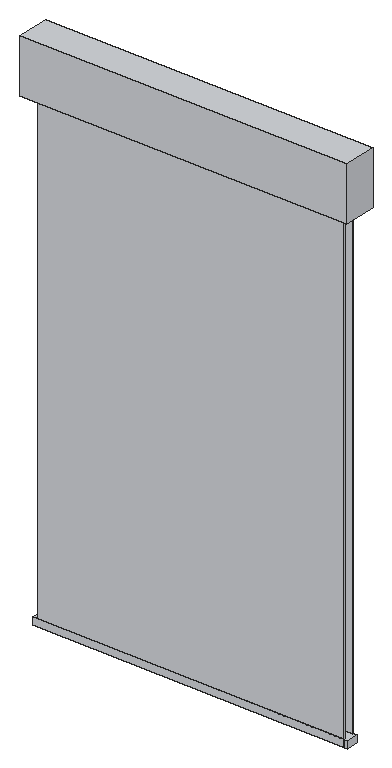
Revit family "BANNER-VEL,DBL,10'WX15'L", category Generic Models, Revit 2014
Parameters
  Top Width = 1' - 0 1/4"
  Top Length = 10' - 3 1/2"
  Curtain Thickness = 0' - 0.05"
  Curtain Linear Length = 15' - 0"
  Curtain Width = 9' - 8"
  Base Length = 9' - 11"
  Base Width = 0' - 4 1/2"
Reference planes (in)
  plane 1 "Center (Front/Back)": y = 0
  plane 2: z = 0
  plane 3 "Center (Left/Right)": x = 0
  plane 4: y = 6.125
  plane 5: x = -32
  plane 6: y = -6.125
  plane 7 "Top": z = 20.25
  plane 8: x = 32
  plane 9: x = -58
  plane 10: x = 58
  plane 11: y = 1.525
  plane 12: y = 1.475
  plane 13: y = -2.475
  plane 14: y = -2.525
  plane 15: x = -59.5
  plane 16: x = 59.5
  plane 17: y = 1.75
  plane 18: y = -2.75
  plane 19 "Curtain Bottom": z = -180
  plane 20: x = -61.75
  plane 21: x = 61.75
Forms (in)
  Extrusion 1, solid
    sketch origin (0, 0, 0) x (1, 0, 0) y (0, 1, 0)
      loop
        line (-58, 1.525) -> (-58, 1.475) -> (58, 1.475) -> (58, 1.525) -> (-58, 1.525)
    from 0 to -180
  Extrusion 2, solid
    sketch origin (0, -3.98438, 0) x (1, 0, 0) y (0, 1, 0)
      loop
        line (-58, 1.50937) -> (-58, 1.45937) -> (58, 1.45937) -> (58, 1.50937) -> (-58, 1.50937)
    from 0 to -180
  Extrusion 3, solid
    sketch origin (0, 0, -180) x (0, -1, 0) y (1, 0, 0)
      loop
        line (-1.75, -59.5) -> (2.75, -59.5) -> (2.75, 59.5) -> (-1.75, 59.5) -> (-1.75, -59.5)
    from 0 to 2.63672
  Extrusion 4, solid
    sketch origin (0, 0, 0) x (1, 0, 0) y (0, 1, 0)
      loop
        line (-61.75, 6.125) -> (-61.75, -6.125) -> (61.75, -6.125) -> (61.75, 6.125) -> (-61.75, 6.125)
    from 0 to 20.25
Dimensions and locks (in)
  "Top Width": plane 4 to plane 6
  locked: plane 7 "Top" to level at 20.25
  equal spacing: plane 4, plane 1 "Center (Front/Back)", plane 6
  locked: plane 4 to plane 11 at 4.6
  "Curtain Thickness": plane 11 to plane 12
  "Curtain Width": plane 9 to plane 10
  equal spacing: plane 9, plane 3 "Center (Left/Right)", plane 10
  "Curtain Linear Length": level to plane 19 "Curtain Bottom"
  "Base Width": plane 17 to plane 18
  "Base Length": plane 15 to plane 16
  equal spacing: plane 15, plane 3 "Center (Left/Right)", plane 16
  equal spacing: plane 20, plane 3 "Center (Left/Right)", plane 21
  "Top Length": plane 20 to plane 21
  aligned and locked: plane 2 to level
  aligned and locked: Extrusion 2 to plane 9
  aligned and locked: plane 13 to Extrusion 2
  aligned and locked: Extrusion 2 to plane 14
  aligned and locked: Extrusion 2 to plane 10
  aligned and locked: Extrusion 1 to plane 10
  aligned and locked: plane 11 to Extrusion 1
  aligned and locked: Extrusion 1 to plane 12
  aligned and locked: Extrusion 1 to plane 9
  aligned and locked: Extrusion 3 to plane 16
  aligned and locked: Extrusion 3 to plane 18
  aligned and locked: Extrusion 3 to plane 17
  aligned and locked: Extrusion 3 to plane 15
  aligned and locked: Extrusion 4 to plane 4
  aligned and locked: Extrusion 4 to plane 6
  aligned and locked: Extrusion 4 to plane 21
  aligned and locked: Extrusion 4 to plane 20
Automatic sketch dimensions
  Extrusion 1 sketch curve to plane 9 = 0' - 0"
  Extrusion 1 sketch curve to plane 10 = 0' - 0"
  Extrusion 1 sketch curve to plane 12 = 0' - 0"
  Extrusion 1 sketch curve to plane 11 = 0' - 0"
  Extrusion 2 sketch curve to plane 9 = 0' - 0"
  Extrusion 2 sketch curve to plane 10 = 0' - 0"
  plane 14 to Extrusion 2 sketch curve = 0' - 0"
  plane 13 to Extrusion 2 sketch curve = 0' - 0"
  plane 6 to Extrusion 4 sketch curve = 0' - 0"
  Extrusion 4 sketch curve to plane 15 = 0' - 2 1/4"
  Extrusion 4 sketch curve to plane 16 = 0' - 2 1/4"
  plane 4 to Extrusion 4 sketch curve = 0' - 0"
  Extrusion 3 sketch curve to plane 16 = 0' - 0"
  plane 17 to Extrusion 3 sketch curve = 0' - 0"
  Extrusion 3 sketch curve to plane 15 = 0' - 0"
  Extrusion 3 sketch curve to plane 18 = 0' - 0"
